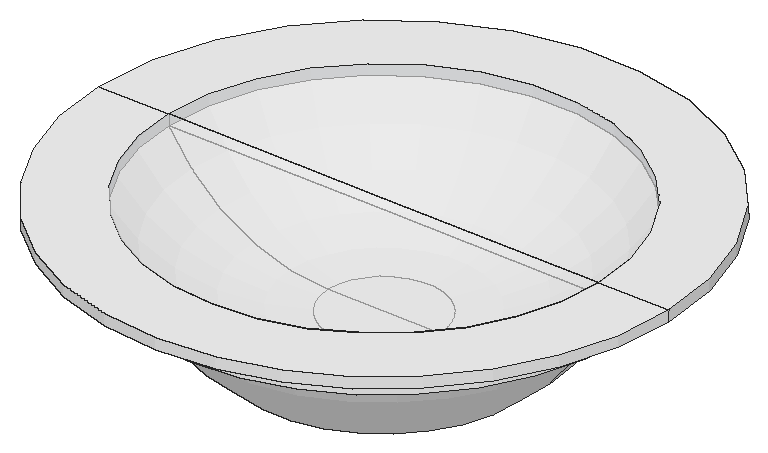
Revit family "0030340 Sylvania Lighting Fixture START Downlight 150 IP44 1-10V 1175Lm 830", category Lighting Fixtures, host Face, Revit 2016
Family settings
  Host = Face
  Part Type = Normal
  Round Connector Dimension = Use Diameter
  OmniClass Number = 23.80.70.00
  OmniClass Title = Lighting
  Cut with Voids When Loaded = No
  Light Source = Yes
  Shared = No
  Room Calculation Point = No
Parameters (values of type "0030340 ST DOWNLIGHT 150 IP44 1-10V 1175LM 830")
  Weight = "5.724 kg"
  Wattage Comments = ""
  Wattage = 12 W
  WarrantyStartDate [instance] = "n/a"
  WarrantyGuarantorParts = "n/a"
  WarrantyDurationUnit = "n/a"
  WarrantyDurationParts = "n/a"
  WarrantyDescription = "n/a"
  built-in parameter 1150110 = 1 (stored number, unit not read)
  Voltage = 230 V
  URL = "http://www.sylvania-lighting.com"
  TypeName = "START Downlight 150 IP44 1-10V 1175Lm 830"
  Type Image = <None>
  Type Comments = "n/a"
  built-in parameter 1114217 = 1 (stored number, unit not read)
  Tilt Angle = -90.00°
  built-in parameter 1150109 = 1 (stored number, unit not read)
  built-in parameter 1150134 = (empty or 0)
  built-in parameter 1150113 = 1 (stored number, unit not read)
  SerialNumber [instance] = "n/a"
  S_SYL = yes
  RadiusTop_SYL = if(S_SYL, 80 mm, if(M_SYL, 100 mm, if(L_SYL, 120 mm, 120 mm)))  # 80 mm
  Photometric Web File = "0030340.ies"
  Material_3_FEILO = Top-Sylvania-STARTDownlight
  PowerFactor = 0.9
  PowerConsumption = "12 W"
  NominalLength = 165 mm
  NominalHeight = 45 mm
  NominalDepth = 165 mm
  Name = "START Downlight 150 IP44 1-10V 1175Lm 830"
  ModelReference = Name  # "START Downlight 150 IP44 1-10V 1175Lm 830"
  ModelNumber = "0030340"
  Model = Name  # "START Downlight 150 IP44 1-10V 1175Lm 830"
  Material = "aluminium housing, polycarbonate diffuser"
  ManufacturerName = "Feilo Sylvania"
  Manufacturer = "Feilo Sylvania"
  M_SYL = no
  LuminousEfficacy = "96.07 lm/W"
  built-in parameter 1150105 = 662.37 (stored number, unit not read)
  Lumens = 1152.85 lm
  LuminaireType = ""
  built-in parameter 1150115 = 1 (stored number, unit not read)
  LightOutputRatio = "100"
  built-in parameter 1150137 = (empty or 0)
  built-in parameter 1150139 = (empty or 0)
  LampsType = Lamp  # "LED"
  LampNominalLuminous = "1152 lm"
  LampMacAdamStep = "5"
  LampColourTemperature = "3000 K"
  LampColourRenderingIndex = "80"
  built-in parameter 1150112 = 1 (stored number, unit not read)
  built-in parameter 1150114 = 1 (stored number, unit not read)
  Lamp = "LED"
  L_SYL = no
  Keynote = "16500"
  InstallationDate [instance] = "n/a"
  InputVoltage = "220-240V~"
  InputNominalFrequency = "50/60 Hz"
  built-in parameter 1150132 = (empty or 0)
  built-in parameter 1150102 = (empty or 0)
  built-in parameter 1150107 = 3000 (stored number, unit not read)
  built-in parameter 1150138 = (empty or 0)
  IngressProtection = "IP20/44"
  ImpactProtectionIndex = "IK07"
  built-in parameter 1150106 = 6.6237 (stored number, unit not read)
  IfcExportType = "IfcLightFixtureType"
  IfcExportAs = "IfcLightFixtureType"
  Height_SYL = if(S_SYL, 41 mm, if(M_SYL, 47 mm, if(L_SYL, 56 mm, 62 mm)))  # 41 mm
  ExpectedLife = 50000
  Emit from Circle Diameter = Diameter_SYL - 40 mm  # 124 mm
  Emit Shape Visible in Rendering = no
  ElectricShockClassification = "Class II"
  built-in parameter 1150104 = 8.9253 (stored number, unit not read)
  DurationUnit = "hours"
  DocumentationLiterature = "http://www.sylvania-lighting.com/product/en-int/products/0030340"
  DimmingControlOptions = "Dimmable"
  Material_2_FEILO = Diffuser-Sylvania-STARTDownlight
  Dimming Lamp Color Temperature Shift = <None>
  Diameter_SYL = if(S_SYL, 164 mm, if(M_SYL, 193 mm, if(L_SYL, 220 mm, 240 mm)))  # 164 mm
  DiameterTop_SYL = if(S_SYL, 77 mm, if(M_SYL, 81 mm, if(L_SYL, 104 mm, 105 mm)))  # 77 mm
  DiameterRecess_SYL = if(S_SYL, 141 mm, if(M_SYL, 169 mm, if(L_SYL, 198 mm, 216 mm)))  # 141 mm
  Description = ""
  Default Elevation = 1219.2 mm
  CreatedOn = "8/1/2018"
  CreatedBy = "@sylvania-lighting.com"
  Cost = 0
  Color Filter = 16777215
  built-in parameter 1114216 [instance] = (empty or 0)
  ClassificationValue = "EF_70_80"
  ClassificationName = "Uniclass2015"
  Material_1_FEILO = Trim-Sylvania-STARTDownlight-White
  BarCode [instance] = "n/a"
  built-in parameter 1114218 = 1 (stored number, unit not read)
  built-in parameter 1150133 = 10 (stored number, unit not read)
  AssetType = "Fixed"
  AssetIdentifier [instance] = "n/a"
  Assembly Code = "D5020200"
  Apparent Load = 12 VA
  Material_4_FEILO = LED-Sylvania-STARTDownlight
Reference planes
  plane 1 "Center (Front/Back)": y = 0
  plane 2: z = 0
  plane 3 "Center (Left/Right)": x = 0
  plane 4: x = 82
  plane 5: x = -82
  plane 6: z = 3
  plane 7: z = -8
  plane 8: z = -36
  plane 9: z = -38
  plane 10: x = -70.5
  plane 11: x = 70.5
  plane 12: x = -38.5
  plane 13: x = 38.5
  plane 14: x = -62
  plane 15: x = 62
  plane 16: z = -85
  plane 17: x = -62
  plane 18: z = 2
  plane 19: z = -26
  plane 20: x = -16
Forms (mm)
  Revolve 1, solid
    sketch origin (0, 0, 0) x (1, 0, 0) y (0, 0, 1)
      loop
        line (-82, 3) -> (-82, 0) -> (-70.5, 0) -> (-70.5, -8) -> (-62, -8)
        arc (-62, -8) -> (-51.871, -23.36) -> (-38.5, -36) r 80
        line (-38.5, -36) -> (0, -36) -> (0, -26) -> (-16, -26)
        arc (-16, -26) -> (-42.42, -19.05) -> (-62, 0) r 53.692
        line (-62, 0) -> (-62, 3) -> (-82, 3)
      axis (0, 3) -> (0, -36)
    angle from 360 to 0
  Revolve 2, void
    sketch origin (0, 0, 0) x (1, 0, 0) y (0, 0, 1)
      loop
        line (0, 0) -> (-70.5, 0) -> (-70.5, -85) -> (0, -85) -> (0, 0)
      axis (0, 0) -> (0, -85)
    angle from 360 to 0
  Revolve 3, solid, material "Diffuser-Sylvania-STARTDownlight" <- "Material_2_FEILO"
    sketch origin (0, 0, 0) x (1, 0, 0) y (0, 0, 1)
      loop
        line (-62, 3) -> (-62, 0) -> (0, 0) -> (0, 3) -> (-62, 3)
      axis (0, 3) -> (0, 0)
    angle from 360 to 0
Dimensions and locks
  equal spacing: plane 4, plane 3 "Center (Left/Right)", plane 5
  "Diameter_SYL": plane 4 to plane 5
  equal spacing: plane 11, plane 3 "Center (Left/Right)", plane 10
  equal spacing: plane 13, plane 3 "Center (Left/Right)", plane 12
  "DiameterTop_SYL": plane 13 to plane 12
  equal spacing: plane 15, plane 3 "Center (Left/Right)", plane 14
  locked: plane 6 to plane 2 at 3
  "Height_SYL": plane 6 to plane 9
  locked: plane 8 to plane 9 at 2
  locked: plane 2 to plane 7 at 8
  locked: plane 2 to plane 16 at 85
  locked: plane 17 to plane 5 at 20
  locked: plane 6 to plane 18 at 1
  "DiameterRecess_SYL": plane 11 to plane 10
  locked: plane 19 to plane 8 at 10
  locked: plane 3 "Center (Left/Right)" to plane 20 at 16
  locked: plane 14 to plane 5 at 20
  "RadiusTop_SYL": radius of Revolve 1 sketch curve
  aligned and locked: plane 2 to host face
  aligned and locked: level to host face
  aligned and locked: Revolve 1 sketch curve to plane 5
  aligned and locked: Revolve 1 sketch curve to level
  aligned and locked: plane 7 to Revolve 1 sketch curve
  aligned and locked: Revolve 1 sketch curve to plane 10
  aligned and locked: plane 14 to Revolve 1 sketch curve
  aligned and locked: plane 3 "Center (Left/Right)" to Revolve 1 sketch curve
  aligned and locked: Revolve 1 sketch curve to plane 8
  aligned and locked: Revolve 1 sketch curve to plane 3 "Center (Left/Right)"
  aligned and locked: Revolve 2 sketch curve to plane 3 "Center (Left/Right)"
  aligned and locked: plane 3 "Center (Left/Right)" to Revolve 2 sketch curve
  aligned and locked: Revolve 2 sketch curve to plane 10
  aligned and locked: plane 16 to Revolve 2 sketch curve
  aligned and locked: Revolve 1 sketch curve to plane 6
  aligned and locked: plane 19 to Revolve 1 sketch curve
  aligned and locked: plane 20 to Revolve 1 sketch curve
  aligned and locked: Revolve 1 sketch curve to Revolve 1 sketch curve
  aligned and locked: plane 17 to Revolve 1 sketch curve
  aligned and locked: plane 2 to Revolve 1 sketch curve
  aligned and locked: Revolve 3 sketch curve to plane 3 "Center (Left/Right)"  (x2)
  aligned and locked: plane 3 "Center (Left/Right)" to imposter light
  aligned and locked: imposter light to plane 18
  aligned and locked: imposter light to plane 1 "Center (Front/Back)"
  aligned and locked: plane 14 to Revolve 3 sketch curve
Automatic sketch dimensions
  host sketch curve to host sketch curve = 2438.4 mm  (x2)
  plane 16 to Revolve 2 sketch curve = 524.6 mm
  Revolve 2 sketch curve to plane 6 = 2606.058 mm
  Revolve 1 sketch curve to plane 12 = 0 mm
  plane 16 to Revolve 1 sketch curve = 524.6 mm
  Revolve 1 sketch curve to Revolve 1 sketch curve = 2581.366 mm
  Revolve 2 sketch curve to level = 0 mm
  Revolve 3 sketch curve to plane 6 = 0 mm
  Revolve 3 sketch curve to level = 0 mm
  plane 16 to Revolve 3 sketch curve = 524.6 mm
  Revolve 3 sketch curve to Revolve 3 sketch curve = 2606.058 mm
Connectors
  electrical at (0, 0, 0), driven by "Apparent Load", driven by "PowerFactor", driven by "Voltage"
    settings: index 1, voltage 230 V, apparent load 12 VA, apparent load phase1 0 VA, apparent load phase2 0 VA, apparent load phase3 0 VA, power factor 0.9, load classification "Lighting", number of poles 1, system type 30, power factor state 1, is connector primary yes, connector utility no, sub classification motor no, connector description ""
